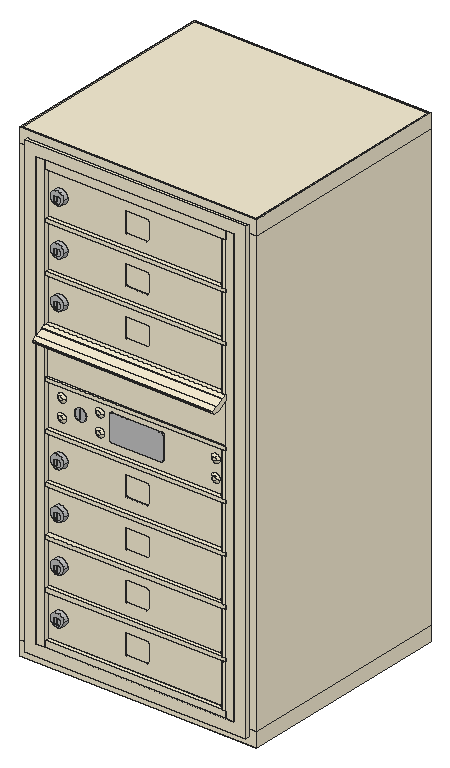
Revit family "Mailboxes_4C-Salsbury_Industries-Surface_Mounted-9_Door_High_Units", category Specialty Equipment, Revit 2016 (continued)
Definition of nested family "Mailboxes_4C-Salsbury_Industries-Front_Load-9_Door_High_Units"
  Definition of nested family "3700 Series 4C Door Configurations"
    Types (11): name | Weight | Visible Door Number | Model | Inset Offset | Door Visibility-MB1 | Door Lock | Door Height | Door Divider | Description
      MB4 Door w/ Divider | "20 lbs." | yes | "3700MB4" | 0.000" | yes | yes | 13.73047" | yes | "MB4 Door for 3700 Series 4C Mailboxes"
      Blank Door | "5 lbs." | no | "3700MB1" | 0.18359" | yes | no | 3.23047" | no | "MB1 Door for 3700 Series 4C Mailboxes"
      Blank Door w/ Divider | "5 lbs." | no | "3700MB1" | 0.18402" | yes | no | 3.23047" | yes | "MB1 Door for 3700 Series 4C Mailboxes"
      Empty | "5 lbs." | no | "Empty MB1" | 0.18359" | no | no | 3.23047" | no | "Empty MB1 Door for 3700 Series 4C Mailboxes"
    Reference planes (in)
      plane 1 "Center (Front/Back)": y = 0
      plane 2 "Bottom of Door": z = 0
      plane 3 "Center (Left/Right)": x = 0
      plane 4 "Left Side Face of Door": x = -6.6875
      plane 5 "Right Side Face of Door": x = 6.6875
      plane 6 "Back Face of Door": y = 0.12695
      plane 7 "Front Face of Door": y = -0.12695
      plane 8: z = 10.23047
      plane 9: z = 5.11523
      plane 10 "Face of Divider": y = -0.46995
      plane 11 "Center Lock Vertical": x = -5.8125
      plane 12 "Center Lock Horizontal": z = 1.61523
      plane 13 "Face of Lock": y = -0.42383
      plane 14 "Divider Height Align": z = 10.50047
      plane 15 "Inset Center": x = -0.0975
      plane 16 "Inset Offset": y = -0.12695
      plane 17: z = 5.49038
      plane 18: z = 4.74072
    Forms (in)
      Extrusion 1, solid, material <- "Front Panel Material", visible <- "Door Visibility-MB1"
        sketch origin (0, 0, 0) x (1, 0, 0) y (0, 1, 0)
          loop
            line (-6.4355, 0.12695) -> (-6.6875, -0.05445) -> (-6.6875, -0.12695) -> (6.05625, -0.12695)
            arc (6.05625, -0.12695) -> (6.19558, -0.17661) -> (6.27209, -0.3032) r 0.22029
            arc (6.27209, -0.3032) -> (6.3553, -0.42132) -> (6.4925, -0.46664) r 0.23034
            arc (6.4925, -0.46664) -> (6.63039, -0.40952) -> (6.6875, -0.27164) r 0.195
            line (6.6875, -0.27164) -> (6.6875, 0.12695) -> (-6.4355, 0.12695)
        from 0 to 10.23047
      Blend 2, solid, material <- "Lock Material", visible <- "Door Lock"
        base sketch origin (0, -0.12695, 0) x (-1, 0, 0) y (0, 0, 1)
          loop
            circle (5.8125, 5.11523) r 0.525
        top sketch origin (0, -0.12695, 0) x (-1, 0, 0) y (0, 0, 1)
          loop
            circle (5.8125, 5.11523) r 0.485
        from 0 to -0.29688
      Extrusion 3, solid, material <- "Front Panel Material", visible <- "Door Divider"
        sketch origin (0, 0, 10.50047) x (-1, 0, 0) y (0, -1, 0)
          loop
            line (6.6875, -0.12695) -> (6.6875, 0.46995) -> (-6.6875, 0.46995) -> (-6.6875, -0.12695) -> (6.6875, -0.12695)
        from -0.27 to 0
      Extrusion 4, void, detail levels fine
        sketch origin (0, -0.42383, 0) x (1, 0, 0) y (0, 0, 1)
          loop
            circle (-5.8125, 4.99523) r 0.285
        from 0 to -0.01562
      Extrusion 5, void, detail levels fine
        sketch origin (0, -0.42383, 0) x (1, 0, 0) y (0, 0, 1)
          loop
            line (-5.84183, 5.12353) -> (-5.84183, 4.82353) -> (-5.78183, 4.82353) -> (-5.78183, 5.12353) -> (-5.84183, 5.12353)
        from 0 to -0.03906
      Extrusion 6, void, detail levels fine
        sketch origin (0, -0.12695, 0) x (0, 0, 1) y (-1, 0, 0)
          loop
            arc (5.86523, 0.8475) -> (5.82862, 0.93589) -> (5.74023, 0.9725) r 0.125
            line (5.74023, 0.9725) -> (4.49023, 0.9725)
            arc (4.49023, 0.9725) -> (4.40185, 0.93589) -> (4.36523, 0.8475) r 0.125
            line (4.36523, 0.8475) -> (4.36523, -0.6525)
            arc (4.36523, -0.6525) -> (4.40185, -0.74089) -> (4.49023, -0.7775) r 0.125
            line (4.49023, -0.7775) -> (5.74023, -0.7775)
            arc (5.74023, -0.7775) -> (5.82862, -0.74089) -> (5.86523, -0.6525) r 0.125
            line (5.86523, -0.6525) -> (5.86523, 0.8475)
        from 0 to -0.03906
    Cuts and joins
      Extrusion 4, Extrusion 5 cuts Blend 2
      Extrusion 6 cuts Extrusion 1
    Lines and regions (in)
      symbolic lines
        curve 1: circle (-5.8125, 0, 5.11523) r 0.53054 normal (0, -1, 0)
    Dimensions and locks (in)
      equal spacing: plane 6 "Back Face of Door", plane 1 "Center (Front/Back)", plane 7 "Front Face of Door"
      "Door Depth": plane 6 "Back Face of Door" to plane 7 "Front Face of Door"
      equal spacing: plane 4 "Left Side Face of Door", plane 3 "Center (Left/Right)", plane 5 "Right Side Face of Door"  (x2)
      "Door Width": plane 4 "Left Side Face of Door" to plane 5 "Right Side Face of Door"
      locked: plane 7 "Front Face of Door" to plane 10 "Face of Divider" at 0.343
      "Center Lock-Vertical": plane 4 "Left Side Face of Door" to plane 11 "Center Lock Vertical"
      "Inset Offset": plane 16 "Inset Offset" to plane 7 "Front Face of Door"
      plane 4 "Left Side Face of Door" to plane 5 "Right Side Face of Door" = 13.375"
      plane 6 "Back Face of Door" to plane 10 "Face of Divider" = 0.59691"
      "Door Height": plane 8 to plane 2 "Bottom of Door"
      equal spacing: plane 8, plane 9, plane 2 "Bottom of Door"
      locked: plane 14 "Divider Height Align" to plane 8 at 0.27
      plane 17 to plane 9 to plane 18 = 0.37515" locked, 0.37452" locked
      aligned and locked: level to plane 2 "Bottom of Door"
      aligned and locked: plane 4 "Left Side Face of Door" to Extrusion 1
      aligned and locked: plane 6 "Back Face of Door" to Extrusion 1
      aligned and locked: plane 7 "Front Face of Door" to Extrusion 1
      aligned and locked: plane 8 to Extrusion 1
      aligned and locked: Extrusion 3 sketch curve to plane 4 "Left Side Face of Door"
      aligned and locked: Extrusion 3 sketch curve to plane 6 "Back Face of Door"
      aligned and locked: plane 5 "Right Side Face of Door" to Extrusion 3 sketch curve
      aligned and locked: Extrusion 3 to plane 8
      aligned and locked: plane 10 "Face of Divider" to Extrusion 3 sketch curve
      aligned and locked: plane 14 "Divider Height Align" to Extrusion 3
      aligned and locked: cut or joined group of Extrusion 1, Extrusion 6 to plane 2 "Bottom of Door"
      aligned and locked: plane 18 to text3d elem
    Automatic sketch dimensions
      Extrusion 1 sketch curve to plane 4 "Left Side Face of Door" = 0.000"
      Extrusion 1 sketch curve to plane 6 "Back Face of Door" = 0.000"
      Extrusion 1 sketch curve to plane 7 "Front Face of Door" = 0.000"
      Extrusion 1 sketch curve to plane 5 "Right Side Face of Door" = 0.000"
      Extrusion 1 sketch curve to plane 4 "Left Side Face of Door" = 0.252"
      plane 5 "Right Side Face of Door" to Extrusion 1 sketch curve = 0.63125"
      Extrusion 1 sketch curve to plane 7 "Front Face of Door" = 0.10935"
      plane 5 "Right Side Face of Door" to Extrusion 1 sketch curve = 0.195"
      Extrusion 1 sketch curve to plane 7 "Front Face of Door" = 0.14468"
      plane 10 "Face of Divider" to Extrusion 1 sketch curve = 0.12271"
      plane 1 "Center (Front/Back)" to Extrusion 1 sketch curve = 0.05445"
      plane 10 "Face of Divider" to Extrusion 1 sketch curve = 0.16676"
      Blend 2 sketch curve to plane 9 = 0.000"  (x2)
      plane 11 "Center Lock Vertical" to Blend 2 sketch curve = 0.000"  (x2)
      plane 11 "Center Lock Vertical" to Extrusion 4 sketch curve = 0.000"
      Extrusion 4 sketch curve to plane 9 = 0.120"
      Extrusion 4 sketch curve to Extrusion 4 sketch curve = 0.285"
      plane 11 "Center Lock Vertical" to Extrusion 5 sketch curve = 0.02933"
      Extrusion 5 sketch curve to plane 11 "Center Lock Vertical" = 0.03067"
      Extrusion 5 sketch curve to plane 9 = 0.2917"
      plane 9 to Extrusion 5 sketch curve = 0.0083"
      Extrusion 6 sketch curve to plane 9 = 0.750"
      Extrusion 6 sketch curve to Extrusion 6 sketch curve = 0.125"  (x3)
      plane 9 to Extrusion 6 sketch curve = 0.625"  (x2)
      plane 3 "Center (Left/Right)" to Extrusion 6 sketch curve = 0.7775"
      plane 15 "Inset Center" to Extrusion 6 sketch curve = 0.750"
      curve 1 to plane 9 = 0.000"
      plane 11 "Center Lock Vertical" to curve 1 = 0.000"
      radius of Blend 2 sketch curve = 0.525"
      radius of Blend 2 sketch curve = 0.485"
      radius of curve 1 = 0.53054"
  Definition of nested family "3700 Series 4C OM2 Configuration"
    Parameters (values of type "OM2-FL")
      Weight = ""
      URL = ""
      Access Lock Offset = 0.000"
      Access Lock = yes
      Model = "3700OM2-FL"
      Manufacturer = "Salsbury Industries"
      Lock Material = none
      Front Panel Material = none
      Door Width = 13.375"
      Door Number [instance] = "101"
      Door Height = 7.00047"
      Door Depth = 0.25391"
      Description = "OM2 Door for 3700 Series 4C Mailboxes-Front Loading"
      Cost = 0
      Center Lock-Vertical = 2.360"
      Center Lock-Horizontal = 1.61523"
    Types (3): name | Access Lock Offset | Access Lock | Model | Description
      (no name) | 0.000" | yes | "3700OM2-FL" | "OM2 Door for 3700 Series 4C Mailboxes-Front Loading"
      OM2-FL | 0.000" | yes | "3700OM2-FL" | "OM2 Door for 3700 Series 4C Mailboxes-Front Loading"
      OM2-RL | 0.3125" | no | "3700OM2-RL" | "OM2 Door for 3700 Series 4C Mailboxes-Rear Loading"
    Reference planes (in)
      plane 1 "Center (Front/Back)": y = 0
      plane 2 "Bottom of Door": z = 0
      plane 3 "Center (Left/Right)": x = 0
      plane 4 "Left Side Face of Door": x = -6.6875
      plane 5 "Right Side Face of Door": x = 6.6875
      plane 6 "Back Face of Door": y = 0.12695
      plane 7 "Front Face of Door": y = -0.12695
      plane 8: z = 3.23047
      plane 9: z = 1.61523
      plane 10: y = -0.46995
      plane 11 "Center Lock Vertical": x = -4.3275
      plane 12 "Center Lock Horizontal": z = 1.61523
      plane 13 "Face of Lock": y = -0.42383
      plane 14 "Divider Height Align": z = 3.50047
      plane 15 "Plate Center": x = -0.16063
      plane 16 "Left Stud Align": x = -5.7025
      plane 17 "Right Stud Align": x = -2.8895
      plane 18 "Top Stud Align": z = 2.27147
      plane 19 "Bottom Stud Align": z = 0.95947
      plane 20 "Hinge Stud Align": x = 5.6875
      plane 21 "Mail Plate Top": z = 2.61547
      plane 22 "Mail Plate Bottom": z = 0.61547
      plane 23: x = -2.1595
      plane 24: x = 1.8405
      plane 25 "Face of Mail Plate": y = -0.16602
      plane 26 "Top of Mail Drop Door": z = 6.73094
      plane 27 "Top of Mail Drop Divider": z = 7.00047
      plane 28 "Face of Mail Drop": y = -0.31995
      plane 29 "Top of Mail Slot": z = 6.42087
      plane 30 "Bottom of Mail Slot": z = 5.67087
      plane 31 "Left Edge of Mail Slot": x = -5.3755
      plane 32 "Right Edge of Mail Slot": x = 5.3755
      plane 33 "Mail Slot Bottom Protusion": z = 6.50987
      plane 34: y = -0.49395
      plane 35: z = 6.15637
      plane 36 "Front of Awning": y = -1.63495
      plane 37: y = -1.15685
      plane 38 "Mail Slot Slope": through (-240, -0.44582, 6.9722) normal (0, -0.5, 0.866)
      plane 39 "Access Lock Offset": y = 0.12695
    Forms (in)
      Extrusion 1, solid, material <- "Front Panel Material"
        sketch origin (0, 0, 0) x (1, 0, 0) y (0, 1, 0)
          loop
            line (-6.4355, 0.12695) -> (-6.6875, -0.05445) -> (-6.6875, -0.12695) -> (6.05625, -0.12695)
            arc (6.05625, -0.12695) -> (6.19558, -0.17661) -> (6.27209, -0.3032) r 0.22029
            arc (6.27209, -0.3032) -> (6.3553, -0.42132) -> (6.4925, -0.46664) r 0.23034
            arc (6.4925, -0.46664) -> (6.63039, -0.40952) -> (6.6875, -0.27164) r 0.195
            line (6.6875, -0.27164) -> (6.6875, 0.12695) -> (-6.4355, 0.12695)
        from 0 to 3.23047
      Extrusion 2, solid, material <- "Front Panel Material"
        sketch origin (0, 0, 3.50047) x (-1, 0, 0) y (0, -1, 0)
          loop
            line (6.6875, -0.12695) -> (6.6875, 0.46995) -> (-6.6875, 0.46995) -> (-6.6875, -0.12695) -> (6.6875, -0.12695)
        from -0.27 to 0
      Extrusion 3, void
        sketch origin (0, 0.12695, 0) x (0, 0, -1) y (-1, 0, 0)
          loop
            circle (-1.61523, 4.3275) r 0.4375
        from 0 to -0.25391
      Extrusion 4, solid, material <- "Lock Material", visible <- "Access Lock"
        sketch origin (0, 0.12695, 0) x (0, 0, -1) y (-1, 0, 0)
          loop
            circle (-1.61523, 4.3275) r 0.42913
        from 0 to -0.25391
      Extrusion 5, void, detail levels fine
        sketch origin (0, 0.12695, 3.4) x (-1, 0, 0) y (0, 0, 1)
          loop
            line (4.3568, -1.47517) -> (4.2982, -1.47517) -> (4.2982, -2.09436) -> (4.3568, -2.09436) -> (4.3568, -1.47517)
        from -0.12695 to -0.25391
      Blend 6, solid, material <- "Front Panel Material", detail levels medium+fine
        base sketch origin (0, -0.12695, 2.68123) x (-1, 0, 0) y (0, 0, 1)
          loop
            circle (5.7025, -0.40977) r 0.15665
        top sketch origin (0, -0.12695, 2.68123) x (-1, 0, 0) y (0, 0, 1)
          loop
            circle (5.7025, -0.40977) r 0.3125
        from -0.11328 to 0
      Blend 7, solid, material <- "Front Panel Material", detail levels medium+fine
        base sketch origin (1.3125, -0.12695, 2.68123) x (-1, 0, 0) y (0, 0, 1)
          loop
            circle (4.202, -0.40977) r 0.15665
        top sketch origin (1.3125, -0.12695, 2.68123) x (-1, 0, 0) y (0, 0, 1)
          loop
            circle (4.202, -0.40977) r 0.3125
        from -0.11328 to 0
      Blend 8, solid, material <- "Front Panel Material", detail levels medium+fine
        base sketch origin (0, -0.12695, 1.36923) x (-1, 0, 0) y (0, 0, 1)
          loop
            circle (5.7025, -0.40977) r 0.15665
        top sketch origin (0, -0.12695, 1.36923) x (-1, 0, 0) y (0, 0, 1)
          loop
            circle (5.7025, -0.40977) r 0.3125
        from -0.11328 to 0
      Blend 9, solid, material <- "Front Panel Material", detail levels medium+fine
        base sketch origin (1.3125, -0.12695, 1.36923) x (-1, 0, 0) y (0, 0, 1)
          loop
            circle (4.202, -0.40977) r 0.15665
        top sketch origin (1.3125, -0.12695, 1.36923) x (-1, 0, 0) y (0, 0, 1)
          loop
            circle (4.202, -0.40977) r 0.3125
        from -0.11328 to 0
      Blend 10, solid, material <- "Front Panel Material", detail levels medium+fine
        base sketch origin (9.8895, -0.12695, 2.68123) x (-1, 0, 0) y (0, 0, 1)
          loop
            circle (4.202, -0.40977) r 0.15665
        top sketch origin (9.8895, -0.12695, 2.68123) x (-1, 0, 0) y (0, 0, 1)
          loop
            circle (4.202, -0.40977) r 0.3125
        from -0.11328 to 0
      Blend 11, solid, material <- "Front Panel Material", detail levels medium+fine
        base sketch origin (9.8895, -0.12695, 1.36923) x (-1, 0, 0) y (0, 0, 1)
          loop
            circle (4.202, -0.40977) r 0.15665
        top sketch origin (9.8895, -0.12695, 1.36923) x (-1, 0, 0) y (0, 0, 1)
          loop
            circle (4.202, -0.40977) r 0.3125
        from -0.11328 to 0
      Extrusion 12, solid, material <- "Lock Material"
        sketch origin (0, -0.12695, 0) x (-1, 0, 0) y (0, 0, 1)
          loop
            line (1.96028, 2.61547) -> (-1.64128, 2.61547)
            arc (-1.64128, 2.61547) -> (-1.78215, 2.55712) -> (-1.8405, 2.41625) r 0.19922
            line (-1.8405, 2.41625) -> (-1.8405, 0.81469)
            arc (-1.8405, 0.81469) -> (-1.78215, 0.67382) -> (-1.64128, 0.61547) r 0.19922
            line (-1.64128, 0.61547) -> (1.96028, 0.61547)
            arc (1.96028, 0.61547) -> (2.10115, 0.67382) -> (2.1595, 0.81469) r 0.19922
            line (2.1595, 0.81469) -> (2.1595, 2.41625)
            arc (2.1595, 2.41625) -> (2.10115, 2.55712) -> (1.96028, 2.61547) r 0.19922
        from 0 to -0.03906
      Extrusion 13, solid, material <- "Front Panel Material"
        sketch origin (-2.13946, 0, 3.50047) x (-1, 0, 0) y (0, -1, 0)
          loop
            line (4.54804, -0.12695) -> (4.54804, 0.31995) -> (-8.82696, 0.31995) -> (-8.82696, -0.12695) -> (4.54804, -0.12695)
        from 0 to 3.0094
      Extrusion 14, void
        sketch origin (0, -0.31995, 0) x (0, 0, -1) y (-1, 0, 0)
          loop
            arc (-5.67087, 5.0005) -> (-6.04587, 5.3755) -> (-6.42087, 5.0005) r 0.375
            line (-6.42087, 5.0005) -> (-6.42087, -5.0005)
            arc (-6.42087, -5.0005) -> (-6.04587, -5.3755) -> (-5.67087, -5.0005) r 0.375
            line (-5.67087, -5.0005) -> (-5.67087, 5.0005)
        from 0 to 0.44691
      Extrusion 15, solid, material <- "Front Panel Material"
        sketch origin (0, 0, 0) x (0, 1, 0) y (0, 0, 1)
          loop
            line (0.12695, 6.50987) -> (0.12695, 7.00047) -> (-0.46995, 7.00047) -> (-0.75605, 6.83078) -> (-0.73973, 6.80251) -> (-1.27431, 6.49388) -> (-1.29063, 6.52214) -> (-1.61027, 6.3376)
            arc (-1.61027, 6.3376) -> (-1.63087, 6.31111) -> (-1.62714, 6.27777) r 0.04454
            line (-1.62714, 6.27777) -> (-1.5282, 6.17883)
            arc (-1.5282, 6.17883) -> (-1.4937, 6.16211) -> (-1.4558, 6.15637) r 0.12791
            line (-1.4558, 6.15637) -> (-1.10623, 6.15637) -> (-0.49395, 6.50987) -> (0.12695, 6.50987)
        from -6.6875 to 6.6875
    Cuts and joins
      Extrusion 3 cuts Extrusion 1
      Extrusion 5 cuts Extrusion 4
      Extrusion 14 cuts Extrusion 13
    Lines and regions (in)
      symbolic lines
        curve 1: circle (-5.7025, -0.12695, 2.27147) r 0.3125 normal (0, 1, 0)
        curve 2: circle (-5.7025, -0.12695, 0.95947) r 0.3125 normal (0, 1, 0)
        curve 3: circle (-2.8895, -0.12695, 0.95947) r 0.3125 normal (0, 1, 0)
        curve 4: circle (-2.8895, -0.12695, 2.27147) r 0.3125 normal (0, 1, 0)
        curve 5: circle (-4.3275, -0.12695, 1.61523) r 0.42913 normal (0, 1, 0)
        curve 6: circle (5.6875, -0.12695, 0.95947) r 0.3125 normal (0, 1, 0)
        curve 7: circle (5.6875, -0.12695, 2.27147) r 0.3125 normal (0, 1, 0)
        curve 8: arc (-2.1595, -0.12695, 2.41625) -> (-2.10115, -0.12695, 2.55712) -> (-1.96028, -0.12695, 2.61547) r 0.19922
        curve 9: arc (1.8405, -0.12695, 2.41625) -> (1.78215, -0.12695, 2.55712) -> (1.64128, -0.12695, 2.61547) r 0.19922
        curve 10: arc (1.8405, -0.12695, 0.81469) -> (1.78215, -0.12695, 0.67382) -> (1.64128, -0.12695, 0.61547) r 0.19922
        curve 11: arc (-1.96028, -0.12695, 0.61547) -> (-2.10115, -0.12695, 0.67382) -> (-2.1595, -0.12695, 0.81469) r 0.19922
        curve 12: line (-2.1595, -0.12695, 0.81469) -> (-2.1595, -0.12695, 2.41625)
        curve 13: line (-1.96028, -0.12695, 2.61547) -> (1.64128, -0.12695, 2.61547)
        curve 14: line (1.8405, -0.12695, 2.41625) -> (1.8405, -0.12695, 0.81469)
        curve 15: line (1.64128, -0.12695, 0.61547) -> (-1.96028, -0.12695, 0.61547)
    Dimensions and locks (in)
      equal spacing: plane 6 "Back Face of Door", plane 1 "Center (Front/Back)", plane 7 "Front Face of Door"
      "Door Depth": plane 6 "Back Face of Door" to plane 7 "Front Face of Door"
      equal spacing: plane 4 "Left Side Face of Door", plane 3 "Center (Left/Right)", plane 5 "Right Side Face of Door"
      "Door Width": plane 4 "Left Side Face of Door" to plane 5 "Right Side Face of Door"
      plane 8 to level = 3.23047"
      equal spacing: plane 8, plane 9, level
      locked: plane 7 "Front Face of Door" to plane 10 at 0.343
      "Center Lock-Vertical": plane 4 "Left Side Face of Door" to plane 11 "Center Lock Vertical"
      "Center Lock-Horizontal": plane 8 to plane 12 "Center Lock Horizontal"
      locked: plane 14 "Divider Height Align" to plane 8 at 0.27
      plane 4 "Left Side Face of Door" to plane 16 "Left Stud Align" to plane 17 "Right Stud Align" = 0.985", 2.813"
      plane 8 to plane 18 "Top Stud Align" to plane 19 "Bottom Stud Align" = 0.959", 1.312"
      plane 20 "Hinge Stud Align" to plane 5 "Right Side Face of Door" = 1.000"
      plane 8 to plane 21 "Mail Plate Top" to plane 22 "Mail Plate Bottom" = 0.615", 2.000"
      plane 4 "Left Side Face of Door" to plane 23 to plane 24 = 4.528", 4.000"
      plane 27 "Top of Mail Drop Divider" to plane 26 "Top of Mail Drop Door" to plane 14 "Divider Height Align" = 0.26953" locked, 3.23047"
      "Door Height": plane 27 "Top of Mail Drop Divider" to level
      plane 28 "Face of Mail Drop" to plane 10 = 0.150"
      locked: plane 27 "Top of Mail Drop Divider" to plane 29 "Top of Mail Slot" at 0.5796
      locked: plane 29 "Top of Mail Slot" to plane 30 "Bottom of Mail Slot" at 0.75
      locked: plane 4 "Left Side Face of Door" to plane 31 "Left Edge of Mail Slot" at 1.312
      locked: plane 32 "Right Edge of Mail Slot" to plane 5 "Right Side Face of Door" at 1.312
      locked: plane 33 "Mail Slot Bottom Protusion" to plane 29 "Top of Mail Slot" at 0.089
      plane 28 "Face of Mail Drop" to plane 34 = 0.174"
      plane 33 "Mail Slot Bottom Protusion" to plane 35 = 0.3535"
      plane 28 "Face of Mail Drop" to plane 36 "Front of Awning" = 1.315"
      plane 4 "Left Side Face of Door" to plane 5 "Right Side Face of Door" = 13.375"
      plane 6 "Back Face of Door" to plane 36 "Front of Awning" = 1.76191"
      "Access Lock Offset": plane 39 "Access Lock Offset" to plane 6 "Back Face of Door"
      aligned and locked: level to plane 2 "Bottom of Door"
      aligned and locked: plane 4 "Left Side Face of Door" to Extrusion 1
      aligned and locked: plane 6 "Back Face of Door" to Extrusion 1
      aligned and locked: plane 7 "Front Face of Door" to Extrusion 1
      aligned and locked: Extrusion 1 to level
      aligned and locked: plane 8 to Extrusion 1
      aligned and locked: Extrusion 2 sketch curve to plane 4 "Left Side Face of Door"
      aligned and locked: Extrusion 2 sketch curve to plane 6 "Back Face of Door"
      aligned and locked: plane 5 "Right Side Face of Door" to Extrusion 2 sketch curve
      aligned and locked: Extrusion 2 to plane 8
      aligned and locked: plane 10 to Extrusion 2 sketch curve
      aligned and locked: plane 14 "Divider Height Align" to Extrusion 2
      aligned and locked: plane 4 "Left Side Face of Door" to Extrusion 2
      aligned and locked: Extrusion 2 to plane 5 "Right Side Face of Door"
      aligned and locked: Extrusion 13 to plane 28 "Face of Mail Drop"
      aligned and locked: plane 29 "Top of Mail Slot" to Extrusion 14 sketch curve
      aligned and locked: cut or joined group of Extrusion 13, Extrusion 14 to cut or joined group of Extrusion 13, Extrusion 14
      aligned and locked: cut or joined group of Extrusion 1, Extrusion 3 to plane 2 "Bottom of Door"
    Automatic sketch dimensions
      Extrusion 1 sketch curve to plane 4 "Left Side Face of Door" = 0.000"
      Extrusion 1 sketch curve to plane 6 "Back Face of Door" = 0.000"
      Extrusion 1 sketch curve to plane 7 "Front Face of Door" = 0.000"
      Extrusion 1 sketch curve to plane 5 "Right Side Face of Door" = 0.000"
      Extrusion 1 sketch curve to plane 4 "Left Side Face of Door" = 0.252"
      Extrusion 1 sketch curve to plane 20 "Hinge Stud Align" = 0.36875"
      Extrusion 1 sketch curve to plane 25 "Face of Mail Plate" = 0.07029"
      plane 5 "Right Side Face of Door" to Extrusion 1 sketch curve = 0.195"
      Extrusion 1 sketch curve to plane 25 "Face of Mail Plate" = 0.10562"
      Extrusion 1 sketch curve to plane 13 "Face of Lock" = 0.07658"
      plane 1 "Center (Front/Back)" to Extrusion 1 sketch curve = 0.05445"
      Extrusion 1 sketch curve to plane 13 "Face of Lock" = 0.12063"
      Extrusion 5 sketch curve to plane 11 "Center Lock Vertical" = 0.0293"
      plane 11 "Center Lock Vertical" to Extrusion 5 sketch curve = 0.0293"
      Extrusion 5 sketch curve to plane 9 = 0.30959"
      plane 9 to Extrusion 5 sketch curve = 0.30959"
      plane 16 "Left Stud Align" to Blend 6 sketch curve = 0.000"  (x2)
      Blend 6 sketch curve to plane 18 "Top Stud Align" = 0.000"  (x2)
      plane 17 "Right Stud Align" to Blend 7 sketch curve = 0.000"  (x2)
      Blend 7 sketch curve to plane 18 "Top Stud Align" = 0.000"  (x2)
      plane 16 "Left Stud Align" to Blend 8 sketch curve = 0.000"  (x2)
      Blend 8 sketch curve to plane 19 "Bottom Stud Align" = 0.000"  (x2)
      plane 17 "Right Stud Align" to Blend 9 sketch curve = 0.000"  (x2)
      Blend 9 sketch curve to plane 19 "Bottom Stud Align" = 0.000"  (x2)
      Blend 10 sketch curve to plane 18 "Top Stud Align" = 0.000"  (x2)
      plane 20 "Hinge Stud Align" to Blend 10 sketch curve = 0.000"  (x2)
      Blend 11 sketch curve to plane 19 "Bottom Stud Align" = 0.000"  (x2)
      plane 20 "Hinge Stud Align" to Blend 11 sketch curve = 0.000"  (x2)
      plane 24 to Extrusion 12 sketch curve = 0.000"
      Extrusion 12 sketch curve to plane 22 "Mail Plate Bottom" = 0.000"
      Extrusion 12 sketch curve to plane 21 "Mail Plate Top" = 0.000"
      plane 23 to Extrusion 12 sketch curve = 0.000"
      plane 24 to Extrusion 12 sketch curve = 0.19922"  (x2)
      plane 18 "Top Stud Align" to Extrusion 12 sketch curve = 0.14478"
      Extrusion 12 sketch curve to plane 23 = 0.19922"
      Extrusion 13 sketch curve to plane 5 "Right Side Face of Door" = 0.000"
      Extrusion 13 sketch curve to plane 4 "Left Side Face of Door" = 0.000"
      Extrusion 13 sketch curve to plane 6 "Back Face of Door" = 0.000"
      Extrusion 13 sketch curve to plane 7 "Front Face of Door" = 0.193"
      Extrusion 14 sketch curve to plane 30 "Bottom of Mail Slot" = 0.000"
      plane 32 "Right Edge of Mail Slot" to Extrusion 14 sketch curve = 0.375"
      Extrusion 14 sketch curve to plane 31 "Left Edge of Mail Slot" = 0.375"
      Extrusion 15 sketch curve to plane 35 = 0.000"
      Extrusion 15 sketch curve to plane 33 "Mail Slot Bottom Protusion" = 0.000"
      Extrusion 15 sketch curve to plane 34 = 0.000"
      Extrusion 15 sketch curve to plane 27 "Top of Mail Drop Divider" = 0.000"
      Extrusion 15 sketch curve to plane 6 "Back Face of Door" = 0.000"
      plane 26 "Top of Mail Drop Door" to Extrusion 15 sketch curve = 0.07158"
      Extrusion 15 sketch curve to plane 34 = 0.24578"
      plane 26 "Top of Mail Drop Door" to Extrusion 15 sketch curve = 0.09984"
      Extrusion 15 sketch curve to Extrusion 15 sketch curve = 0.01632"
      plane 37 to Extrusion 15 sketch curve = 0.05062"
      Extrusion 15 sketch curve to plane 33 "Mail Slot Bottom Protusion" = 0.01599"
      plane 33 "Mail Slot Bottom Protusion" to Extrusion 15 sketch curve = 0.01227"
      plane 36 "Front of Awning" to Extrusion 15 sketch curve = 0.17915"
      plane 35 to Extrusion 15 sketch curve = 0.02246"
      Extrusion 15 sketch curve to Extrusion 15 sketch curve = 0.0724"
      plane 36 "Front of Awning" to Extrusion 15 sketch curve = 0.04696"
      plane 36 "Front of Awning" to Extrusion 15 sketch curve = 0.02469"
      plane 36 "Front of Awning" to Extrusion 15 sketch curve = 0.00781"
      Extrusion 15 sketch curve to Extrusion 15 sketch curve = 0.05983"
      Extrusion 4 sketch curve to plane 9 = 0.000"
      plane 11 "Center Lock Vertical" to Extrusion 4 sketch curve = 0.000"
      Extrusion 3 sketch curve to plane 9 = 0.000"
      plane 11 "Center Lock Vertical" to Extrusion 3 sketch curve = 0.000"
      curve 6 to plane 19 "Bottom Stud Align" = 0.000"
      plane 20 "Hinge Stud Align" to curve 6 = 0.000"
      curve 7 to plane 18 "Top Stud Align" = 0.000"
      plane 20 "Hinge Stud Align" to curve 7 = 0.000"
      plane 24 to curve 14 = 0.000"
      curve 9 to plane 21 "Mail Plate Top" = 0.000"
      curve 11 to plane 22 "Mail Plate Bottom" = 0.000"
      plane 23 to curve 12 = 0.000"
      plane 17 "Right Stud Align" to curve 4 = 0.000"
      plane 17 "Right Stud Align" to curve 3 = 0.000"
      curve 5 to plane 9 = 0.000"
      plane 11 "Center Lock Vertical" to curve 5 = 0.000"
      plane 16 "Left Stud Align" to curve 1 = 0.000"
      plane 16 "Left Stud Align" to curve 2 = 0.000"
      curve 2 to plane 19 "Bottom Stud Align" = 0.000"
      curve 3 to plane 19 "Bottom Stud Align" = 0.000"
      curve 1 to plane 18 "Top Stud Align" = 0.000"
      curve 4 to plane 18 "Top Stud Align" = 0.000"
      plane 18 "Top Stud Align" to curve 9 = 0.14478"
      curve 10 to plane 19 "Bottom Stud Align" = 0.14478"
      plane 18 "Top Stud Align" to curve 8 = 0.14478"
      curve 11 to plane 19 "Bottom Stud Align" = 0.14478"
      radius of Blend 6 sketch curve = 0.15665"
      radius of Blend 6 sketch curve = 0.3125"
      radius of Blend 7 sketch curve = 0.15665"
      radius of Blend 7 sketch curve = 0.3125"
      radius of Blend 8 sketch curve = 0.15665"
      radius of Blend 8 sketch curve = 0.3125"
      radius of Blend 9 sketch curve = 0.15665"
      radius of Blend 9 sketch curve = 0.3125"
      radius of Blend 10 sketch curve = 0.15665"
      radius of Blend 10 sketch curve = 0.3125"
      radius of Blend 11 sketch curve = 0.15665"
      radius of Blend 11 sketch curve = 0.3125"
      radius of Extrusion 4 sketch curve = 0.42913"
      radius of Extrusion 3 sketch curve = 0.4375"
      radius of curve 1 = 0.3125"
      radius of curve 2 = 0.3125"
      radius of curve 3 = 0.3125"
      radius of curve 4 = 0.3125"
      radius of curve 5 = 0.42913"
      radius of curve 6 = 0.3125"
      radius of curve 7 = 0.3125"
Types (13): name | Width | Model | Door Slot R9 Number | Door Slot R8 Number | Door Slot R7 Number | Door Slot R6 Number | Door Slot R4 Number | Door Slot R3 Number | Door Slot R2 Number | Door Slot R1 Number | Door Slot L9 Number | Door Slot L8 Number | Door Slot L7 Number | Door Slot L6 Number | Door Slot L5 Number | Door Slot L4 Number | Door Slot L3 Number | Door Slot L2 Number | Door Slot L1 Number | Description | Above Finished Floor (Top of Bottom Shelf) | Above Finished Floor (Bottom of Unit) | 4C Unit Elevation | 4C Unit
  3809D-16 | 32.250" | "3809D-16" | "16" | "15" | "14" | "13" | "0" | "12" | "11" | "10" | "9" | "8" | "7" | "6" | "5" | "4" | "3" | "2" | "1" | "9 Door High Unit:  16 MB1, OM2" | 28.000" | 26.120" | 26.683" | Mailboxes_4C-Salsbury_Industries-Front_Load-9_Door_High_Units : 3709D-16 FL
  3809S-07 | 17.496" | "3809S-07" | "7" | "6" | "5" | "4" | "0" | "3" | "2" | "1" | "0" | "0" | "0" | "0" | "0" | "0" | "0" | "0" | "0" | "9 Door High Unit:  7 MB1, OM2" | 28.000" | 26.120" | 26.683" | Mailboxes_4C-Salsbury_Industries-Front_Load-9_Door_High_Units : 3709S-07 FL
  3809D-15 | 32.250" | "3809D-15" | "15" | "14" | "13" | "0" | "0" | "12" | "11" | "10" | "9" | "8" | "7" | "6" | "5" | "4" | "3" | "2" | "1" | "9 Door High Unit:  15 MB1, OM3" | 28.000" | 26.120" | 26.683" | Mailboxes_4C-Salsbury_Industries-Front_Load-9_Door_High_Units : 3709D-15 FL
  3809D-10 | 32.250" | "3809D-10" | "10" | "9" | "8" | "7" | "0" | "6" | "5" | "4" | "1P" | "0" | "0" | "0" | "0" | "0" | "3" | "2" | "1" | "9 Door High Unit:  10 MB1, 1 PL6, OM2" | 28.000" | 26.120" | 26.683" | Mailboxes_4C-Salsbury_Industries-Front_Load-9_Door_High_Units : 3709D-10 FL
  3809D-06 | 32.250" | "3809D-06" | "6" | "0" | "0" | "5" | "0" | "4" | "0" | "0" | "3" | "0" | "0" | "2" | "0" | "0" | "1" | "0" | "0" | "9 Door High Unit:  1 MB1, 5 MB3, OM2" | 28.000" | 26.120" | 26.683" | Mailboxes_4C-Salsbury_Industries-Front_Load-9_Door_High_Units : 3709D-06 FL
  3809D-05 | 32.250" | "3809D-05" | "5" | "0" | "0" | "0" | "0" | "4" | "0" | "0" | "3" | "0" | "0" | "2" | "0" | "0" | "1" | "0" | "0" | "9 Door High Unit:  5 MB3, OM3" | 28.000" | 26.120" | 26.683" | Mailboxes_4C-Salsbury_Industries-Front_Load-9_Door_High_Units : 3709D-05 FL
  3809D-04 | 32.250" | "3809D-04" | "4" | "0" | "0" | "3" | "0" | "2" | "0" | "0" | "1P" | "0" | "0" | "0" | "0" | "0" | "1" | "0" | "0" | "9 Door High Unit:  1 MB1, 3 MB3, 1 PL6, OM2" | 28.000" | 26.120" | 26.683" | Mailboxes_4C-Salsbury_Industries-Front_Load-9_Door_High_Units : 3709D-04 FL
  3809D-03 | 32.250" | "3809D-03" | "3" | "0" | "0" | "0" | "0" | "2" | "0" | "0" | "1P" | "0" | "0" | "0" | "0" | "0" | "1" | "0" | "0" | "9 Door High Unit:  3 MB3, 1 PL6, OM3" | 28.000" | 26.120" | 26.683" | Mailboxes_4C-Salsbury_Industries-Front_Load-9_Door_High_Units : 3709D-03 FL
  3809D-4P | 32.250" | "3809D-4P" | "4P" | "0" | "0" | "0" | "3P" | "0" | "0" | "0" | "2P" | "0" | "0" | "0" | "0" | "1P" | "0" | "0" | "0" | "9 Door High Unit:  2 PL4, 2 PL5" | 15.000" | 13.120" | 13.683" | Mailboxes_4C-Salsbury_Industries-Front_Load-9_Door_High_Units : 3709D-4P FL
  3809S-02 | 17.496" | "3809S-02" | "1P" | "0" | "0" | "0" | "0" | "0" | "2" | "1" | "0" | "0" | "0" | "0" | "0" | "0" | "0" | "0" | "0" | "9 Door High Unit:  2 MB1, 1 PL5, OM2" | 15.000" | 13.120" | 13.683" | Mailboxes_4C-Salsbury_Industries-Front_Load-9_Door_High_Units : 3709S-02 FL
  3809S-2P | 17.496" | "3809S-2P" | "2P" | "0" | "0" | "0" | "1P" | "0" | "0" | "0" | "0" | "0" | "0" | "0" | "0" | "0" | "0" | "0" | "0" | "9 Door High Unit:  1 PL4, 1 PL5" | 15.000" | 13.120" | 13.683" | Mailboxes_4C-Salsbury_Industries-Front_Load-9_Door_High_Units : 3709S-2P FL
  3809S-1B | 17.496" | "3809S-1B" | "0" | "0" | "0" | "0" | "0" | "0" | "0" | "0" | "0" | "0" | "0" | "0" | "0" | "0" | "0" | "0" | "0" | "9 Door High Unit:  1 Receptacle Bin" | 15.000" | 13.120" | 13.683" | Mailboxes_4C-Salsbury_Industries-Front_Load-9_Door_High_Units : 3709S-1B FL
  3809S-1C | 17.496" | "3809S-1C" | "0" | "0" | "0" | "0" | "0" | "0" | "0" | "0" | "0" | "0" | "0" | "0" | "0" | "0" | "0" | "0" | "0" | "9 Door High Unit:  1 Collection Box" | 15.000" | 13.120" | 13.683" | Mailboxes_4C-Salsbury_Industries-Front_Load-9_Door_High_Units : 3709S-1C FL
